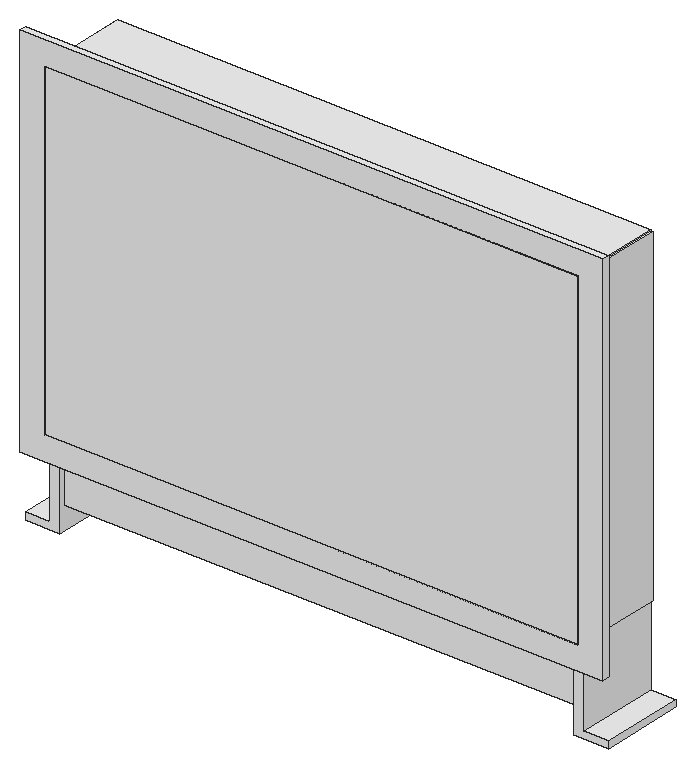
Revit family "1R553FP_1019IT", category Pipe Accessories, Revit 2018 (continued)
Definition of nested family "Inlet Regulator"
  Forms (mm)
    Revolve 11, solid
      sketch origin (0, -7.308, 22.393) x (0, 1, 0) y (0, 0, 1)
        loop
          line (21.577, -5.094) -> (21.577, -4.061) -> (22.318, -3.32) -> (21.605, -2.607) -> (22.332, -1.881) -> (21.605, -1.154) -> (22.318, -0.442) -> (21.605, 0.271) -> (22.318, 0.984) -> (21.605, 1.697) -> (22.318, 2.409) -> (21.605, 3.122) -> (22.318, 3.835) -> (21.605, 4.548) -> (22.318, 5.26) -> (21.605, 5.973) -> (22.318, 6.686) -> (21.591, 7.413) -> (21.591, 8.344) -> (20.654, 8.344) -> (20.654, -5.094) -> (21.577, -5.094)
        axis (7.317, 8.344) -> (7.317, -5.094)
      angle from 0 to 360
    Extrusion 12, solid
      sketch origin (0, 0.009, 99.643) x (0, 1, 0) y (-1, 0, 0)
        loop
          line (8.652, -15) -> (17.312, 0) -> (8.652, 15) -> (-8.669, 15) -> (-17.329, 0) -> (-8.669, -15) -> (8.652, -15)
        loop
          circle (-0.009, 0) r 14.53
      from -61.026 to -57.274
    Revolve 13, solid
      sketch origin (0, 0.009, 23.643) x (1, 0, 0) y (0, 0, 1)
        loop
          line (0, 14.757) -> (-14.591, 14.757)
          arc (-14.591, 14.757) -> (-14.177, 14.203) -> (-13.623, 13.789) r 2.42
          line (-13.623, 13.789) -> (-13.623, 7.845)
          arc (-13.623, 7.845) -> (-14.177, 7.43) -> (-14.591, 6.876) r 2.42
          line (-14.591, 6.876) -> (0, 6.876) -> (0, 14.757)
        axis (0, 14.757) -> (0, 6.876)
      angle from 0 to 360
    Revolve 14, solid
      sketch origin (0, 0, 0) x (1, 0, 0) y (0, 0, 1)
        loop
          line (0, 81.367) -> (0, 42.151) -> (16.5, 42.151) -> (16.5, 81.367) -> (0, 81.367)
        axis (0, 81.367) -> (0, 42.151)
      angle from 0 to 360
    Extrusion 15, solid
      sketch origin (2.094, -0.054, 23.867) x (-1, 0, 0) y (0, 0, 1)
        loop
          line (-14.869, 59.501) -> (-17.438, 59.501)
          spline (-17.438, 59.501) -> (-17.562, 59.497) -> (-17.675, 59.485) -> (-17.778, 59.464) -> (-17.87, 59.434) -> (-17.95, 59.397) -> (-18.021, 59.351) -> (-18.08, 59.297) -> (-18.128, 59.234) -> (-18.166, 59.163) -> (-18.193, 59.084) -> (-18.209, 58.996) -> (-18.215, 58.9)
          line (-18.215, 58.9) -> (-18.215, 58.097)
          spline (-18.215, 58.097) -> (-18.211, 58.002) -> (-18.199, 57.914) -> (-18.179, 57.836) -> (-18.15, 57.765) -> (-18.113, 57.703) -> (-18.067, 57.649) -> (-18.013, 57.604) -> (-17.951, 57.566) -> (-17.88, 57.537) -> (-17.801, 57.517) -> (-17.714, 57.504) -> (-17.618, 57.5)
          line (-17.618, 57.5) -> (-16.318, 57.5) -> (-14.062, 57.5) -> (-14.062, 58.708) -> (-14.869, 58.708) -> (-14.869, 59.501)
      from -1.116 to 1.224
    Extrusion 16, solid
      sketch origin (-2.196, 0, 23.867) x (1, 0, 0) y (0, 0, 1)
        loop
          line (-14.869, 59.501) -> (-17.438, 59.501)
          spline (-17.438, 59.501) -> (-17.562, 59.497) -> (-17.675, 59.485) -> (-17.778, 59.464) -> (-17.87, 59.434) -> (-17.95, 59.397) -> (-18.021, 59.351) -> (-18.08, 59.297) -> (-18.128, 59.234) -> (-18.166, 59.163) -> (-18.193, 59.084) -> (-18.209, 58.996) -> (-18.215, 58.9)
          line (-18.215, 58.9) -> (-18.215, 58.097)
          spline (-18.215, 58.097) -> (-18.211, 58.002) -> (-18.199, 57.914) -> (-18.179, 57.836) -> (-18.15, 57.765) -> (-18.113, 57.703) -> (-18.067, 57.649) -> (-18.013, 57.604) -> (-17.951, 57.566) -> (-17.88, 57.537) -> (-17.801, 57.517) -> (-17.714, 57.504) -> (-17.618, 57.5)
          line (-17.618, 57.5) -> (-16.318, 57.5) -> (-14.062, 57.5) -> (-14.062, 58.708) -> (-14.869, 58.708) -> (-14.869, 59.501)
      from -1.116 to 1.224
    Revolve 17, solid
      sketch origin (1.562, 0, -7.188) x (1, 0, 0) y (0, 0, -1)
        loop
          line (14.945, -68.947) -> (14.945, -85.784) -> (17.115, -87.955) -> (29.615, -87.955) -> (31.958, -85.612) -> (31.958, -68.947) -> (14.945, -68.947)
        axis (14.945, -68.947) -> (31.958, -68.947)
      angle from 0 to 360
  Cuts and joins
    Extrusion 4, Extrusion 5, Extrusion 6, Extrusion 7, Extrusion 8, Extrusion 9 cuts Revolve 1
  Dimensions and locks
    Revolve 2 to Revolve 11 = 114.089 mm
    equal spacing: cut or joined group of Revolve 1, Extrusion 4, Extrusion 5, Extrusion 6, Extrusion 7, Extrusion 8, Extrusion 9, plane 5, plane 4
    aligned and locked: level to plane 2
  Automatic sketch dimensions
    plane 1 "Center (Front/Back)" to Revolve 1 sketch curve = 17.048 mm
    Revolve 1 sketch curve to Revolve 1 sketch curve = 1.524 mm  (x2)
    Revolve 1 sketch curve to Revolve 1 sketch curve = 1.922 mm
    Revolve 1 sketch curve to plane 1 "Center (Front/Back)" = 0.009 mm  (x2)
    Revolve 1 sketch curve to plane 5 = 19.608 mm
    Revolve 1 sketch curve to Revolve 1 sketch curve = 9.082 mm
    Revolve 1 sketch curve to Revolve 1 sketch curve = 5.602 mm
    Revolve 1 sketch curve to Revolve 1 sketch curve = 1.247 mm
    Revolve 1 sketch curve to Revolve 1 sketch curve = 0 mm
    Revolve 1 sketch curve to Revolve 1 sketch curve = 1.386 mm
    plane 1 "Center (Front/Back)" to Revolve 2 sketch curve = 9.723 mm
    Revolve 2 sketch curve to Revolve 2 sketch curve = 0.5 mm  (x3)
    Revolve 2 sketch curve to Revolve 2 sketch curve = 0.198 mm
    Revolve 2 sketch curve to Revolve 2 sketch curve = 1.121 mm
    Revolve 2 sketch curve to Revolve 2 sketch curve = 1.35 mm
    Revolve 2 sketch curve to Revolve 2 sketch curve = 1.06 mm
    Revolve 2 sketch curve to Revolve 2 sketch curve = 0.183 mm
    plane 1 "Center (Front/Back)" to Revolve 2 sketch curve = 0.383 mm  (x2)
    Revolve 2 sketch curve to plane 5 = 34.379 mm
    Revolve 2 sketch curve to Revolve 2 sketch curve = 0.812 mm
    Revolve 2 sketch curve to Revolve 2 sketch curve = 30.709 mm
    Revolve 2 sketch curve to Revolve 2 sketch curve = 0.06 mm
    Revolve 2 sketch curve to Revolve 2 sketch curve = 2.169 mm
    Revolve 2 sketch curve to Revolve 2 sketch curve = 0.487 mm
    Revolve 2 sketch curve to Revolve 2 sketch curve = 1.061 mm
    Revolve 2 sketch curve to Revolve 2 sketch curve = 0.799 mm
    Revolve 2 sketch curve to Revolve 2 sketch curve = 1.883 mm
    Revolve 2 sketch curve to Revolve 2 sketch curve = 2.977 mm
    Extrusion 3 sketch curve to plane 3 "Center (Left/Right)" = 0 mm
    Extrusion 3 sketch curve to plane 1 "Center (Front/Back)" = 0.009 mm
    Extrusion 4 sketch curve to plane 3 "Center (Left/Right)" = 0.532 mm
    Extrusion 4 sketch curve to plane 1 "Center (Front/Back)" = 11.146 mm
    Extrusion 4 sketch curve to Extrusion 4 sketch curve = 7.245 mm
    plane 3 "Center (Left/Right)" to Extrusion 4 sketch curve = 0.506 mm
    plane 3 "Center (Left/Right)" to Extrusion 5 sketch curve = 0.532 mm
    plane 1 "Center (Front/Back)" to Extrusion 5 sketch curve = 11.129 mm
    Extrusion 5 sketch curve to Extrusion 5 sketch curve = 7.077 mm
    Extrusion 5 sketch curve to plane 3 "Center (Left/Right)" = 0.506 mm
    Extrusion 6 sketch curve to plane 1 "Center (Front/Back)" = 5.116 mm
    Extrusion 6 sketch curve to plane 3 "Center (Left/Right)" = 9.912 mm
    Extrusion 6 sketch curve to Extrusion 6 sketch curve = 7.677 mm
    Extrusion 6 sketch curve to Extrusion 6 sketch curve = 1.039 mm
    plane 1 "Center (Front/Back)" to Extrusion 7 sketch curve = 6.021 mm
    Extrusion 7 sketch curve to plane 3 "Center (Left/Right)" = 9.379 mm
    Extrusion 7 sketch curve to Extrusion 7 sketch curve = 7.486 mm
    Extrusion 7 sketch curve to Extrusion 7 sketch curve = 1.039 mm
    Extrusion 8 sketch curve to plane 1 "Center (Front/Back)" = 5.116 mm
    plane 3 "Center (Left/Right)" to Extrusion 8 sketch curve = 9.912 mm
    Extrusion 8 sketch curve to Extrusion 8 sketch curve = 6.525 mm
    Extrusion 8 sketch curve to Extrusion 8 sketch curve = 1.039 mm
    plane 1 "Center (Front/Back)" to Extrusion 9 sketch curve = 6.021 mm
    plane 3 "Center (Left/Right)" to Extrusion 9 sketch curve = 9.379 mm
    Extrusion 9 sketch curve to Extrusion 9 sketch curve = 8.734 mm
    Extrusion 9 sketch curve to Extrusion 9 sketch curve = 1.039 mm
    Extrusion 10 sketch curve to plane 3 "Center (Left/Right)" = 0 mm  (x3)
    plane 1 "Center (Front/Back)" to Extrusion 10 sketch curve = 14.425 mm
    plane 1 "Center (Front/Back)" to Extrusion 10 sketch curve = 7.208 mm  (x2)
    Extrusion 10 sketch curve to plane 1 "Center (Front/Back)" = 0.009 mm
    Extrusion 10 sketch curve to plane 1 "Center (Front/Back)" = 7.225 mm  (x2)
    Extrusion 10 sketch curve to Extrusion 10 sketch curve = 7.217 mm
    plane 3 "Center (Left/Right)" to Extrusion 10 sketch curve = 12.5 mm
    Extrusion 10 sketch curve to plane 3 "Center (Left/Right)" = 12.5 mm
    Revolve 11 sketch curve to plane 1 "Center (Front/Back)" = 13.346 mm
    Revolve 11 sketch curve to Revolve 11 sketch curve = 0.922 mm
    Revolve 11 sketch curve to Revolve 11 sketch curve = 0.937 mm
    Revolve 11 sketch curve to Revolve 11 sketch curve = 0.028 mm
    Revolve 11 sketch curve to Revolve 11 sketch curve = 0 mm  (x5)
    Revolve 11 sketch curve to Revolve 11 sketch curve = 0.014 mm
    Revolve 11 sketch curve to Revolve 11 sketch curve = 0.713 mm  (x7)
    Revolve 11 sketch curve to Revolve 11 sketch curve = 0.726 mm
    level to Revolve 11 sketch curve = 17.3 mm
    Revolve 11 sketch curve to Revolve 11 sketch curve = 1.032 mm
    Revolve 11 sketch curve to Revolve 11 sketch curve = 0.741 mm
    Revolve 11 sketch curve to Revolve 11 sketch curve = 0.931 mm
    Revolve 11 sketch curve to plane 1 "Center (Front/Back)" = 0.009 mm
    level to Revolve 11 sketch curve = 11.05 mm
    Revolve 11 sketch curve to plane 4 = 11.319 mm
    Extrusion 12 sketch curve to plane 3 "Center (Left/Right)" = 0 mm  (x3)
    plane 1 "Center (Front/Back)" to Extrusion 12 sketch curve = 0 mm
    plane 1 "Center (Front/Back)" to Extrusion 12 sketch curve = 8.66 mm  (x2)
    plane 1 "Center (Front/Back)" to Extrusion 12 sketch curve = 17.321 mm
    Extrusion 12 sketch curve to plane 1 "Center (Front/Back)" = 8.66 mm  (x2)
    Extrusion 12 sketch curve to Extrusion 12 sketch curve = 8.66 mm
    plane 3 "Center (Left/Right)" to Extrusion 12 sketch curve = 15 mm
    Extrusion 12 sketch curve to plane 3 "Center (Left/Right)" = 15 mm
    Revolve 13 sketch curve to plane 3 "Center (Left/Right)" = 0 mm  (x2)
    Revolve 13 sketch curve to plane 3 "Center (Left/Right)" = 12.466 mm
    Revolve 13 sketch curve to plane 4 = 2.594 mm
    Revolve 13 sketch curve to Revolve 13 sketch curve = 0 mm
    Revolve 13 sketch curve to Revolve 13 sketch curve = 1.157 mm
    Revolve 13 sketch curve to Revolve 13 sketch curve = 0.968 mm  (x2)
    Revolve 13 sketch curve to plane 4 = 3.751 mm
    Revolve 13 sketch curve to Revolve 13 sketch curve = 5.944 mm
    Revolve 13 sketch curve to Revolve 13 sketch curve = 7.881 mm
    Revolve 13 sketch curve to Revolve 13 sketch curve = 6.11 mm
    plane 4 to Revolve 13 sketch curve = 3.077 mm
    Revolve 14 sketch curve to plane 3 "Center (Left/Right)" = 0 mm  (x2)
    Revolve 14 sketch curve to plane 4 = 0 mm
    plane 3 "Center (Left/Right)" to Revolve 14 sketch curve = 16.5 mm
    Revolve 14 sketch curve to plane 5 = 19.608 mm
    Revolve 14 sketch curve to Revolve 14 sketch curve = 18.992 mm
    Revolve 14 sketch curve to Revolve 14 sketch curve = 22.888 mm
    plane 3 "Center (Left/Right)" to Extrusion 15 sketch curve = 20.309 mm
    Extrusion 15 sketch curve to Extrusion 15 sketch curve = 0.597 mm  (x2)
    Extrusion 15 sketch curve to Extrusion 15 sketch curve = 0.776 mm
    Extrusion 15 sketch curve to Extrusion 15 sketch curve = 1.299 mm
    Extrusion 15 sketch curve to Extrusion 15 sketch curve = 1.449 mm
    Extrusion 15 sketch curve to Extrusion 15 sketch curve = 0.807 mm
    Extrusion 15 sketch curve to plane 5 = 19.608 mm
    Extrusion 15 sketch curve to Extrusion 15 sketch curve = 1.208 mm
    Extrusion 15 sketch curve to Extrusion 15 sketch curve = 0.803 mm
    Extrusion 15 sketch curve to Extrusion 15 sketch curve = 0.601 mm
    Extrusion 16 sketch curve to plane 3 "Center (Left/Right)" = 20.411 mm
    Extrusion 16 sketch curve to Extrusion 16 sketch curve = 0.597 mm  (x2)
    Extrusion 16 sketch curve to Extrusion 16 sketch curve = 0.776 mm
    Extrusion 16 sketch curve to Extrusion 16 sketch curve = 1.299 mm
    Extrusion 16 sketch curve to Extrusion 16 sketch curve = 1.449 mm
    Extrusion 16 sketch curve to Extrusion 16 sketch curve = 0.807 mm
    Extrusion 16 sketch curve to plane 5 = 19.608 mm
    Extrusion 16 sketch curve to Extrusion 16 sketch curve = 1.208 mm
    Extrusion 16 sketch curve to Extrusion 16 sketch curve = 0.803 mm
    Extrusion 16 sketch curve to Extrusion 16 sketch curve = 0.601 mm
    Revolve 17 sketch curve to plane 5 = 0 mm  (x2)
    plane 3 "Center (Left/Right)" to Revolve 17 sketch curve = 16.507 mm
    Revolve 17 sketch curve to Revolve 17 sketch curve = 2.17 mm  (x2)
    Revolve 17 sketch curve to Revolve 17 sketch curve = 12.5 mm
    Revolve 17 sketch curve to Revolve 17 sketch curve = 2.343 mm
    Revolve 17 sketch curve to plane 5 = 16.665 mm
    Revolve 17 sketch curve to Revolve 17 sketch curve = 16.838 mm
    plane 3 "Center (Left/Right)" to Revolve 17 sketch curve = 1.563 mm
    Revolve 17 sketch curve to Revolve 17 sketch curve = 33.042 mm
    radius of Extrusion 3 sketch curve = 1.156 mm
    radius of Extrusion 10 sketch curve = 11.904 mm
    radius of Extrusion 12 sketch curve = 14.53 mm
Definition of nested family "METAL FRAME"
  Parameters (values of type "METAL FRAME")
    S1 [instance] = 37 mm
    L1 [instance] = 670 mm
    H2 [instance] = 492 mm
    H1 [instance] = 562 mm
  Reference planes
    plane 1 "Center (Front/Back)": y = -35
    plane 2: z = 0
    plane 3 "Center (Left/Right)": x = 0
    plane 4: x = -298
    plane 5: x = 298
    plane 6: z = 562
    plane 7: x = 335
    plane 8: x = -335
    plane 9: z = 527
    plane 10: z = 35
    plane 11: y = -35
    plane 12: z = 281
    plane 13: z = 384
    plane 14: z = 176
    plane 15: y = 90
  Forms (mm)
    Extrusion 1, solid
      sketch origin (0, -35, 0) x (1, 0, 0) y (0, 0, 1)
        loop
          line (-283, 35) -> (-283, -60) -> (283, -60) -> (283, 35) -> (-283, 35)
      from -125 to -7.029
    Extrusion 2, solid
      sketch origin (0, -35, 0) x (1, 0, 0) y (0, 0, 1)
        loop
          line (-298, 35) -> (-298, -85) -> (-335, -85) -> (-335, -95) -> (-283, -95) -> (-283, 35) -> (-298, 35)
        loop
          line (298, 35) -> (283, 35) -> (283, -95) -> (335, -95) -> (335, -85) -> (298, -85) -> (298, 35)
      from -125 to 0
    Extrusion 3, solid
      sketch origin (0, 0, 0) x (0, 1, 0) y (0, 0, 1)
        loop
          line (87.172, 527) -> (87.172, 35) -> (90, 35) -> (90, 527) -> (87.172, 527)
      from -298 to 298
    Extrusion 4, solid
      sketch origin (0, -35, 0) x (1, 0, 0) y (0, 0, 1)
        loop
          line (-335, 562) -> (-335, 0) -> (335, 0) -> (335, 562) -> (-335, 562)
        loop
          line (-298, 35) -> (298, 35) -> (298, 527) -> (-298, 527) -> (-298, 35)
      from 0 to 10
    Extrusion 5, solid
      sketch origin (0, 0, 0) x (0, 1, 0) y (0, 0, 1)
        loop
          line (-35, 527) -> (-35, 35) -> (90, 35) -> (90, 527) -> (-35, 527)
      from 298 to 300.354
    Extrusion 6, solid
      sketch origin (0, 0, 0) x (0, 1, 0) y (0, 0, -1)
        loop
          line (-35, -527) -> (90, -527) -> (90, -35) -> (-35, -35) -> (-35, -527)
      from 298 to 300.354
    Extrusion 7, solid
      sketch origin (0, 0, 0) x (1, 0, 0) y (0, 1, 0)
        loop
          line (-298, 90) -> (-298, -35) -> (298, -35) -> (298, 90) -> (-298, 90)
      from 527 to 529.02
    Extrusion 8, void
      sketch origin (0, 0, 0) x (0, 1, 0) y (0, 0, 1)
        loop
          line (87.172, 423.968) -> (-33.134, 423.968) -> (-33.134, 344.032) -> (87.172, 344.032) -> (87.172, 423.968)
        loop
          line (87.172, 216) -> (-33.134, 216) -> (-33.134, 136) -> (87.172, 136) -> (87.172, 216)
      from -298 to -521.401
  Cuts and joins
    Extrusion 8 cuts Extrusion 3
    Extrusion 8 cuts Extrusion 5
    Extrusion 8 cuts Extrusion 6
    Extrusion 8 cuts Extrusion 7
    joined: Extrusion 3, Extrusion 5, Extrusion 6, Extrusion 7
  Dimensions and locks
    "H1": plane 6 to plane 2
    "S1": plane 7 to plane 5
    "S1": plane 4 to plane 8
    "L1": plane 7 to plane 8
    plane 7 to plane 8 = 670 mm
    equal spacing: plane 7, plane 3 "Center (Left/Right)", plane 8
    level to Extrusion 4 sketch curve = 0 mm
    plane 1 "Center (Front/Back)" to Extrusion 3 = 125 mm
    plane 1 "Center (Front/Back)" to plane 15 = 125 mm
    plane 6 to plane 2 = 562 mm
    "H2": plane 9 to plane 10
    locked: Extrusion 5 to Extrusion 5 at 2.354
    locked: Extrusion 6 to Extrusion 6 at 2.354  (x2)
    Extrusion 2 to Extrusion 2 = 15 mm  (x2)
    equal spacing: Extrusion 8 sketch curve, plane 13, Extrusion 8 sketch curve  (x2)
    Extrusion 8 sketch curve to Extrusion 8 sketch curve = 79.935 mm
    equal spacing: Extrusion 8 sketch curve, plane 14, Extrusion 8 sketch curve  (x2)
    aligned and locked: level to plane 2
    aligned and locked: plane 8 to Extrusion 4 sketch curve
    aligned and locked: Extrusion 3 sketch curve to plane 9
    aligned and locked: plane 10 to Extrusion 3 sketch curve
    aligned and locked: Extrusion 2 to Extrusion 1  (x2)
    aligned and locked: Extrusion 4 sketch curve to plane 6
    aligned and locked: Extrusion 4 sketch curve to plane 7
    aligned and locked: Extrusion 4 sketch curve to plane 10
    aligned and locked: plane 5 to Extrusion 3
    aligned and locked: plane 10 to Extrusion 2
    aligned and locked: plane 10 to Extrusion 5 sketch curve
    aligned and locked: Extrusion 5 sketch curve to plane 1 "Center (Front/Back)"
    aligned and locked: plane 15 to Extrusion 5 sketch curve
    aligned and locked: Extrusion 5 sketch curve to plane 9
    aligned and locked: Extrusion 4 to Extrusion 7 sketch curve
    aligned and locked: Extrusion 7 sketch curve to plane 5
    aligned and locked: plane 15 to Extrusion 7 sketch curve
    aligned and locked: plane 4 to Extrusion 7 sketch curve
    aligned and locked: Extrusion 7 to plane 9
    aligned and locked: cut or joined group of Extrusion 3, Extrusion 5, Extrusion 6, Extrusion 7, Extrusion 8 to cut or joined group of Extrusion 3, Extrusion 5, Extrusion 6, Extrusion 7, Extrusion 8
    aligned and locked: Extrusion 2 to cut or joined group of Extrusion 3, Extrusion 5, Extrusion 6, Extrusion 7, Extrusion 8
    aligned and locked: plane 4 to cut or joined group of Extrusion 3, Extrusion 5, Extrusion 6, Extrusion 7, Extrusion 8
    aligned and locked: cut or joined group of Extrusion 3, Extrusion 5, Extrusion 6, Extrusion 7, Extrusion 8 to plane 5
    aligned and locked: cut or joined group of Extrusion 3, Extrusion 5, Extrusion 6, Extrusion 7, Extrusion 8 to Extrusion 8 sketch curve  (x2)
    aligned and locked: plane 4 to Extrusion 8
    aligned and locked: Extrusion 1 to Extrusion 2  (x2)
    aligned and locked: plane 1 "Center (Front/Back)" to plane 11
  Automatic sketch dimensions
    plane 4 to Extrusion 1 sketch curve = 15 mm
    Extrusion 1 sketch curve to plane 5 = 15 mm
    Extrusion 1 sketch curve to plane 10 = 0 mm
    Extrusion 1 sketch curve to level = 60 mm
    Extrusion 2 sketch curve to plane 8 = 0 mm
    Extrusion 2 sketch curve to plane 10 = 0 mm  (x2)
    plane 4 to Extrusion 2 sketch curve = 15 mm
    Extrusion 2 sketch curve to plane 5 = 15 mm
    Extrusion 2 sketch curve to plane 7 = 0 mm
    Extrusion 2 sketch curve to plane 4 = 0 mm
    Extrusion 2 sketch curve to Extrusion 2 sketch curve = 15 mm
    Extrusion 2 sketch curve to level = 85 mm  (x2)
    Extrusion 2 sketch curve to Extrusion 2 sketch curve = 10 mm  (x2)
    Extrusion 3 sketch curve to plane 15 = 0 mm
    Extrusion 3 sketch curve to Extrusion 3 sketch curve = 2.828 mm
    Extrusion 4 sketch curve to plane 4 = 0 mm
    Extrusion 4 sketch curve to plane 5 = 0 mm
    Extrusion 4 sketch curve to plane 9 = 0 mm
    Extrusion 6 sketch curve to plane 1 "Center (Front/Back)" = 0 mm
    Extrusion 6 sketch curve to plane 10 = 0 mm
    Extrusion 6 sketch curve to plane 15 = 0 mm
    Extrusion 6 sketch curve to plane 9 = 0 mm
    Extrusion 8 sketch curve to plane 14 = 40 mm
    Extrusion 8 sketch curve to plane 1 "Center (Front/Back)" = 1.866 mm  (x2)
Definition of nested family "cold water ball valve"
  Parameters (values of type "cold water ball valve")
    Cold water Valve [instance] = yes
  Reference planes
    plane 1 "Center (Front/Back)": y = 0
    plane 2: z = 0
    plane 3 "Center (Left/Right)": x = 0
    plane 4: x = 105
    plane 5: z = 25
    plane 6: z = 25.625
    plane 7: y = -21.571
    plane 8: y = -26.943
    plane 9: y = -36.345
    plane 10 "MODEL TEXT": x = -25.219
    plane 11: x = -24
    plane 12: y = -62.876
  Forms (mm)
    Extrusion 1, solid, visible <- "Cold water Valve"
      sketch origin (0, 0, 20) x (1, 0, 0) y (0, 0, 1)
        loop
          line (20, 13.284) -> (8.284, 25) -> (-8.284, 25) -> (-20, 13.284) -> (-20, -3.284) -> (-8.284, -15) -> (8.284, -15) -> (20, -3.284) -> (20, 13.284)
        loop
          circle (0, 5) r 12.7
      from 0 to 13.355
    Extrusion 2, solid, visible <- "Cold water Valve"
      sketch origin (0, 0, 0.625) x (1, 0, 0) y (0, 0, 1)
        loop
          line (24, 34.941) -> (9.941, 49) -> (-9.941, 49) -> (-24, 34.941) -> (-24, 15.059) -> (-8.316, -0.625) -> (8.316, -0.625) -> (24, 15.059) -> (24, 34.941)
        loop
          circle (0, 25) r 21
      from 77.779 to 89.014
    Revolve 3, solid, visible <- "Cold water Valve"
      sketch origin (0, 0, 0) x (0, 1, 0) y (0, 0, 1)
        loop
          line (-13.355, 25) -> (-13.355, 45)
          arc (-13.355, 45) -> (-14.669, 46.315) -> (-16.465, 46.796) r 3.592
          line (-16.465, 46.796) -> (-17.701, 46.796)
          arc (-17.701, 46.796) -> (-19.285, 46.408) -> (-20.51, 45.333) r 3.428
          line (-20.51, 45.333) -> (-42.991, 45.333) -> (-44.663, 43.661) -> (-74.663, 43.661) -> (-77.779, 46.777) -> (-77.779, 25) -> (-13.355, 25)
        axis (-13.355, 25) -> (-77.779, 25)
      angle from 0 to 360
    Blend 4, solid, visible <- "Cold water Valve"
      base sketch origin (23.223, -1.25, 27.657) x (0, 0, 1) y (0, 1, 0)
        loop
          line (4.062, -5) -> (0, -5) -> (-4.063, -5) -> (-4.062, -20)
          arc (-4.062, -20) -> (-11.941, -30.394) -> (-4.062, -40.789) r 10.796
          line (-4.062, -40.789) -> (-4.062, -55.789) -> (0, -55.789) -> (4.062, -55.789) -> (4.062, -40.789)
          arc (4.062, -40.789) -> (11.65, -30.394) -> (4.062, -20) r 10.913
          line (4.062, -20) -> (4.062, -5)
      top sketch origin (23.223, -1.25, 27.657) x (0, 0, 1) y (0, 1, 0)
        loop
          line (3.606, -5) -> (0, -5) -> (-3.606, -5) -> (-3.606, -20.51)
          arc (-3.606, -20.51) -> (-11.088, -30.188) -> (-3.606, -39.866) r 10
          line (-3.606, -39.866) -> (-3.606, -55.789) -> (0, -55.789) -> (3.606, -55.789) -> (3.606, -39.789)
          arc (3.606, -39.789) -> (10.87, -30.15) -> (3.606, -20.51) r 10.027
          line (3.606, -20.51) -> (3.606, -5)
      from 59.828 to 68.223
    Revolve 5, solid
      sketch origin (-0.219, -2.206, 0) x (0, 0, -1) y (0, -1, 0)
        loop
          line (-94.932, 60.703) -> (-94.932, 41.958) -> (-88.701, 41.958) -> (-88.701, 39.55) -> (-78.701, 39.55) -> (-78.701, 41.958) -> (-59.725, 41.958)
          arc (-59.725, 41.958) -> (-58.974, 42.269) -> (-58.663, 43.02) r 1.062
          line (-58.663, 43.02) -> (-58.663, 49.438) -> (-50.697, 49.438) -> (-50, 48.742) -> (9.375, 48.742) -> (9.375, 49.772) -> (11.451, 49.772) -> (11.451, 48.708) -> (14.373, 48.708)
          arc (14.373, 48.708) -> (15.482, 50.223) -> (16.346, 51.89) r 12.184
          line (16.346, 51.89) -> (25.561, 51.89) -> (48.681, 51.89)
          arc (48.681, 51.89) -> (49.349, 50.551) -> (50.175, 49.304) r 12.184
          line (50.175, 49.304) -> (54.16, 49.304) -> (54.872, 50.015) -> (54.872, 51.956) -> (55.898, 52.982) -> (55.898, 52.075) -> (56.943, 53.12) -> (56.943, 52.123) -> (57.986, 53.166) -> (57.986, 52.123) -> (59.052, 53.189) -> (59.052, 52.217) -> (60.177, 53.342) -> (60.177, 52.407) -> (61.106, 53.336) -> (61.106, 52.478) -> (61.943, 53.315) -> (61.943, 60.703) -> (-94.932, 60.703)
        axis (-94.932, 60.703) -> (61.943, 60.703)
      angle from 0 to 360
    Extrusion 6, void
      sketch origin (0, 0, 0) x (0, 1, 0) y (0, 0, 1)
        loop
          line (-63.914, 58.663) -> (-61.839, 58.663) -> (-61.839, 64.72)
          arc (-61.839, 64.72) -> (-62.876, 65.758) -> (-63.914, 64.72) r 1.037
          line (-63.914, 64.72) -> (-63.914, 58.663)
      from 17.105 to 20
    Extrusion 7, void
      sketch origin (0, 0, 0) x (0, 1, 0) y (0, 0, -1)
        loop
          line (-63.914, -58.663) -> (-63.914, -64.72)
          arc (-63.914, -64.72) -> (-62.876, -65.758) -> (-61.839, -64.72) r 1.037
          line (-61.839, -64.72) -> (-61.839, -58.663) -> (-63.914, -58.663)
      from 17.105 to 20
    Extrusion 8, void
      sketch origin (-62.876, -62.876, 0) x (-1, 0, 0) y (0, 0, 1)
        loop
          line (-63.914, 58.663) -> (-61.839, 58.663) -> (-61.839, 64.72)
          arc (-61.839, 64.72) -> (-62.876, 65.758) -> (-63.914, 64.72) r 1.037
          line (-63.914, 64.72) -> (-63.914, 58.663)
      from 17.105 to 20
    Extrusion 9, void
      sketch origin (-45.229, -106.554, 0) x (-0.71934, -0.694658, 0) y (0, 0, -1)
        loop
          line (-63.914, -58.663) -> (-63.914, -64.72)
          arc (-63.914, -64.72) -> (-62.876, -65.758) -> (-61.839, -64.72) r 1.037
          line (-61.839, -64.72) -> (-61.839, -58.663) -> (-63.914, -58.663)
      from 17.105 to 20
    Extrusion 10, void
      sketch origin (-45.229, -19.199, 0) x (-0.71934, 0.694658, 0) y (0, 0, 1)
        loop
          line (-63.914, 58.663) -> (-61.839, 58.663) -> (-61.839, 64.72)
          arc (-61.839, 64.72) -> (-62.876, 65.758) -> (-63.914, 64.72) r 1.037
          line (-63.914, 64.72) -> (-63.914, 58.663)
      from 17.105 to 20
    Extrusion 11, void
      sketch origin (45.229, -106.554, 0) x (0.71934, -0.694658, 0) y (0, 0, 1)
        loop
          line (-63.914, 58.663) -> (-61.839, 58.663) -> (-61.839, 64.72)
          arc (-61.839, 64.72) -> (-62.876, 65.758) -> (-63.914, 64.72) r 1.037
          line (-63.914, 64.72) -> (-63.914, 58.663)
      from 17.105 to 20
    Extrusion 12, void
      sketch origin (45.229, -19.199, 0) x (0.71934, 0.694658, 0) y (0, 0, -1)
        loop
          line (-63.914, -58.663) -> (-63.914, -64.72)
          arc (-63.914, -64.72) -> (-62.876, -65.758) -> (-61.839, -64.72) r 1.037
          line (-61.839, -64.72) -> (-61.839, -58.663) -> (-63.914, -58.663)
      from 17.105 to 20
    Extrusion 13, void
      sketch origin (-62.876, -62.876, 0) x (-1, 0, 0) y (0, 0, -1)
        loop
          line (-63.914, -58.663) -> (-63.914, -64.72)
          arc (-63.914, -64.72) -> (-62.876, -65.758) -> (-61.839, -64.72) r 1.037
          line (-61.839, -64.72) -> (-61.839, -58.663) -> (-63.914, -58.663)
      from 17.105 to 20
    Revolve 14, solid, visible <- "Cold water Valve"
      sketch origin (0, -32.435, 0) x (1, 0, 0) y (0, 0, 1)
        loop
          line (-21.513, 47.516) -> (-0.291, 39.792) -> (2.61, 47.763) -> (-18.612, 55.487) -> (-21.513, 47.516)
        axis (-0.291, 39.792) -> (-21.513, 47.516)
      angle from 0 to 360
    Extrusion 15, solid
      sketch origin (-25.219, 0, 0) x (0, 0, -1) y (0, -1, 0)
        loop
          circle (-27.689, 31.109) r 5
      from -8.352 to 11.386
    Revolve 16, solid
      sketch origin (0, -62.5, -16.719) x (-1, 0, 0) y (0, 0, -1)
        loop
          line (5.794, 15.605) -> (5.794, 7.562) -> (15.464, 7.562)
          arc (15.464, 7.562) -> (15.667, 7.07) -> (16.159, 6.866) r 0.695
          line (16.159, 6.866) -> (23.251, 6.866)
          arc (23.251, 6.866) -> (23.77, 7.081) -> (23.985, 7.6) r 0.734
          line (23.985, 7.6) -> (23.985, 15.605) -> (5.794, 15.605)
        axis (5.794, 15.605) -> (23.985, 15.605)
      angle from 0 to 360
    Extrusion 17, solid
      sketch origin (0, 0, -16.875) x (0, 1, 0) y (0, 0, -1)
        loop
          circle (-62.564, 15.559) r 6.523
        loop
          circle (-62.564, 15.559) r 5.795
      from 21.524 to 24.055
    Revolve 18, solid
      sketch origin (-0.219, 0, 0.787) x (0, 0, -1) y (0, -1, 0)
        loop
          line (-91.675, 81.654) -> (-85.876, 81.654) -> (-85.876, 96.855) -> (-89.93, 96.855) -> (-90.611, 96.175) -> (-90.611, 94.457) -> (-93.194, 94.457)
          arc (-93.194, 94.457) -> (-93.866, 94.179) -> (-94.144, 93.507) r 0.95
          line (-94.144, 93.507) -> (-94.144, 90.104) -> (-92.373, 90.104) -> (-92.373, 89.241) -> (-93.253, 89.241)
          arc (-93.253, 89.241) -> (-93.883, 88.98) -> (-94.144, 88.35) r 0.891
          line (-94.144, 88.35) -> (-94.144, 87.546)
          arc (-94.144, 87.546) -> (-93.883, 86.915) -> (-93.253, 86.654) r 0.891
          line (-93.253, 86.654) -> (-91.675, 86.654) -> (-91.675, 81.654)
        axis (-85.876, 81.654) -> (-85.876, 96.855)
      angle from 0 to 360
  Cuts and joins
    Extrusion 6, Extrusion 7, Extrusion 8, Extrusion 9, Extrusion 10, Extrusion 11, Extrusion 12, Extrusion 13 cuts Revolve 5
    joined: Revolve 5, Revolve 16, Revolve 18
    joined: Extrusion 2, Revolve 14
  Dimensions and locks
    aligned and locked: level to plane 2
  Nested families
    nested 1: "valve Dial" at (-11.875, 46.875, 24.869), type "valve Dial"
  Definition of nested family "valve Dial"
    Reference planes
      plane 1 "Center (Front/Back)": y = 0
      plane 2: z = 0
      plane 3 "Center (Left/Right)": x = 0
      plane 4: y = 66
      plane 5: y = -105
      plane 6: y = -65.734
      plane 7: y = -79.31
      plane 8: y = -20.321
      plane 9: y = -43.117
      plane 10: y = -33.832
      plane 11: y = -70.378
      plane 12: y = -88.243
      plane 13: through (-2.703, 0, 45.265) normal (-0.9397, 0, 0.342)
    Forms (mm)
      Extrusion 1, solid
        sketch origin (4.797, 0, -7.865) x (0, 1, 0) y (0.34202, 0, 0.939693)
          loop
            circle (-79.31, 25) r 16
          loop
            circle (-79.31, 25) r 17
        from -30.806 to -25.219
      Extrusion 2, solid
        sketch origin (4.797, 0, -7.865) x (0, 1, 0) y (0.34202, 0, 0.939693)
          loop
            circle (-79.31, 25) r 16
        from -25.219 to -24
      Extrusion 3, solid
        sketch origin (4.797, 0, -7.865) x (0, 1, 0) y (0.34202, 0, 0.939693)
          loop
            line (-70.623, 33.687) -> (-79.31, 25.988)
            arc (-79.31, 25.988) -> (-80.298, 25) -> (-79.31, 24.012) r 0.988
            arc (-79.31, 24.012) -> (-78.612, 24.301) -> (-78.323, 25) r 0.988
            line (-78.323, 25) -> (-70.623, 33.687)
        from -27.141 to -26.02
      Extrusion 4, solid
        sketch origin (-18.901, 0, 0.761) x (-0.34202, 0, -0.939693) y (0, -1, 0)
          loop
            circle (-24.897, 79.31) r 15.901
        from 3.812 to 5.586
    Lines and regions (mm)
      model lines
        curve 1: arc (-13.369, -69.937, 15.96) -> (-5.549, -79.31, 37.447) -> (-13.369, -88.684, 15.96) r 13.354
        curve 2: arc (-13.219, -70.378, 16.374) -> (-5.773, -79.31, 36.831) -> (-13.219, -88.243, 16.374) r 12.718
        curve 3: line (-12.979, -71.08, 17.034) -> (-13.219, -70.378, 16.374)
        curve 4: line (-13.058, -87.773, 16.816) -> (-13.219, -88.243, 16.374)
        curve 5: line (-13.369, -69.937, 15.96) -> (-13.526, -69.479, 15.529)
        curve 6: line (-10.091, -65.111, 24.967) -> (-10.091, -65.956, 24.967)
        curve 7: line (-6.598, -69.28, 34.564) -> (-6.858, -69.953, 33.851)
        curve 8: line (-5.372, -79.31, 37.934) -> (-5.549, -79.31, 37.447)
        curve 9: line (-7.34, -87.327, 32.525) -> (-7.027, -88.243, 33.387)
        curve 10: line (-6.869, -88.703, 33.819) -> (-6.594, -89.508, 34.575)
        curve 11: line (-10.088, -91.058, 24.977) -> (-10.088, -92.028, 24.977)
        curve 12: line (-10.088, -92.664, 24.977) -> (-10.088, -93.719, 24.977)
        curve 13: line (-7.024, -70.385, 33.393) -> (-7.252, -70.974, 32.768)
        curve 14: line (-10.091, -66.593, 24.967) -> (-10.091, -67.243, 24.967)
        curve 15: line (-5.773, -79.31, 36.831) -> (-6.141, -79.31, 35.82)
        curve 16: line (-13.369, -88.684, 15.96) -> (-13.511, -89.099, 15.57)
    Dimensions and locks
      plane 1 "Center (Front/Back)" to plane 4 = 66 mm
      aligned and locked: level to plane 2
Definition of nested family "Hot water ball valve"
  Parameters (values of type "Hot Water ball valve")
    Cold water Valve [instance] = yes
  Reference planes
    plane 1 "Center (Front/Back)": y = 0
    plane 2: z = 0
    plane 3 "Center (Left/Right)": x = 0
    plane 4: x = 105
    plane 5: z = 25
    plane 6: z = 25.625
    plane 7: y = -21.571
    plane 8: y = -26.943
    plane 9: y = -36.345
    plane 10 "MODEL TEXT": x = -25.219
    plane 11: x = -24
    plane 12: y = -62.876
  Forms (mm)
    Extrusion 1, solid, visible <- "Cold water Valve"
      sketch origin (0, 0, 20) x (1, 0, 0) y (0, 0, 1)
        loop
          line (20, 13.284) -> (8.284, 25) -> (-8.284, 25) -> (-20, 13.284) -> (-20, -3.284) -> (-8.284, -15) -> (8.284, -15) -> (20, -3.284) -> (20, 13.284)
        loop
          circle (0, 5) r 12.7
      from 0 to 13.355
    Extrusion 2, solid, visible <- "Cold water Valve"
      sketch origin (0, 0, 0.625) x (1, 0, 0) y (0, 0, 1)
        loop
          line (24, 34.941) -> (9.941, 49) -> (-9.941, 49) -> (-24, 34.941) -> (-24, 15.059) -> (-8.316, -0.625) -> (8.316, -0.625) -> (24, 15.059) -> (24, 34.941)
        loop
          circle (0, 25) r 21
      from 77.779 to 89.014
    Revolve 3, solid, visible <- "Cold water Valve"
      sketch origin (0, 0, 0) x (0, 1, 0) y (0, 0, 1)
        loop
          line (-13.355, 25) -> (-13.355, 45)
          arc (-13.355, 45) -> (-14.669, 46.315) -> (-16.465, 46.796) r 3.592
          line (-16.465, 46.796) -> (-17.701, 46.796)
          arc (-17.701, 46.796) -> (-19.285, 46.408) -> (-20.51, 45.333) r 3.428
          line (-20.51, 45.333) -> (-42.991, 45.333) -> (-44.663, 43.661) -> (-74.663, 43.661) -> (-77.779, 46.777) -> (-77.779, 25) -> (-13.355, 25)
        axis (-13.355, 25) -> (-77.779, 25)
      angle from 0 to 360
    Blend 4, solid, visible <- "Cold water Valve"
      base sketch origin (23.223, -1.25, 27.657) x (0, 0, 1) y (0, 1, 0)
        loop
          line (4.062, -5) -> (0, -5) -> (-4.063, -5) -> (-4.062, -20)
          arc (-4.062, -20) -> (-11.941, -30.394) -> (-4.062, -40.789) r 10.796
          line (-4.062, -40.789) -> (-4.062, -55.789) -> (0, -55.789) -> (4.062, -55.789) -> (4.062, -40.789)
          arc (4.062, -40.789) -> (11.65, -30.394) -> (4.062, -20) r 10.913
          line (4.062, -20) -> (4.062, -5)
      top sketch origin (23.223, -1.25, 27.657) x (0, 0, 1) y (0, 1, 0)
        loop
          line (3.606, -5) -> (0, -5) -> (-3.606, -5) -> (-3.606, -20.51)
          arc (-3.606, -20.51) -> (-11.088, -30.188) -> (-3.606, -39.866) r 10
          line (-3.606, -39.866) -> (-3.606, -55.789) -> (0, -55.789) -> (3.606, -55.789) -> (3.606, -39.789)
          arc (3.606, -39.789) -> (10.87, -30.15) -> (3.606, -20.51) r 10.027
          line (3.606, -20.51) -> (3.606, -5)
      from 59.828 to 68.223
    Revolve 5, solid
      sketch origin (-0.219, -2.206, 0) x (0, 0, -1) y (0, -1, 0)
        loop
          line (-94.932, 60.703) -> (-94.932, 41.958) -> (-88.701, 41.958) -> (-88.701, 39.55) -> (-78.701, 39.55) -> (-78.701, 41.958) -> (-59.725, 41.958)
          arc (-59.725, 41.958) -> (-58.974, 42.269) -> (-58.663, 43.02) r 1.062
          line (-58.663, 43.02) -> (-58.663, 49.438) -> (-50.697, 49.438) -> (-50, 48.742) -> (9.375, 48.742) -> (9.375, 49.772) -> (11.451, 49.772) -> (11.451, 48.708) -> (14.373, 48.708)
          arc (14.373, 48.708) -> (15.482, 50.223) -> (16.346, 51.89) r 12.184
          line (16.346, 51.89) -> (25.561, 51.89) -> (48.681, 51.89)
          arc (48.681, 51.89) -> (49.349, 50.551) -> (50.175, 49.304) r 12.184
          line (50.175, 49.304) -> (54.16, 49.304) -> (54.872, 50.015) -> (54.872, 51.956) -> (55.898, 52.982) -> (55.898, 52.075) -> (56.943, 53.12) -> (56.943, 52.123) -> (57.986, 53.166) -> (57.986, 52.123) -> (59.052, 53.189) -> (59.052, 52.217) -> (60.177, 53.342) -> (60.177, 52.407) -> (61.106, 53.336) -> (61.106, 52.478) -> (61.943, 53.315) -> (61.943, 60.703) -> (-94.932, 60.703)
        axis (-94.932, 60.703) -> (61.943, 60.703)
      angle from 0 to 360
    Extrusion 6, void
      sketch origin (0, 0, 0) x (0, 1, 0) y (0, 0, 1)
        loop
          line (-63.914, 58.663) -> (-61.839, 58.663) -> (-61.839, 64.72)
          arc (-61.839, 64.72) -> (-62.876, 65.758) -> (-63.914, 64.72) r 1.037
          line (-63.914, 64.72) -> (-63.914, 58.663)
      from 17.105 to 20
    Extrusion 7, void
      sketch origin (0, 0, 0) x (0, 1, 0) y (0, 0, -1)
        loop
          line (-63.914, -58.663) -> (-63.914, -64.72)
          arc (-63.914, -64.72) -> (-62.876, -65.758) -> (-61.839, -64.72) r 1.037
          line (-61.839, -64.72) -> (-61.839, -58.663) -> (-63.914, -58.663)
      from 17.105 to 20
    Extrusion 8, void
      sketch origin (-62.876, -62.876, 0) x (-1, 0, 0) y (0, 0, 1)
        loop
          line (-63.914, 58.663) -> (-61.839, 58.663) -> (-61.839, 64.72)
          arc (-61.839, 64.72) -> (-62.876, 65.758) -> (-63.914, 64.72) r 1.037
          line (-63.914, 64.72) -> (-63.914, 58.663)
      from 17.105 to 20
    Extrusion 9, void
      sketch origin (-45.229, -106.554, 0) x (-0.71934, -0.694658, 0) y (0, 0, -1)
        loop
          line (-63.914, -58.663) -> (-63.914, -64.72)
          arc (-63.914, -64.72) -> (-62.876, -65.758) -> (-61.839, -64.72) r 1.037
          line (-61.839, -64.72) -> (-61.839, -58.663) -> (-63.914, -58.663)
      from 17.105 to 20
    Extrusion 10, void
      sketch origin (-45.229, -19.199, 0) x (-0.71934, 0.694658, 0) y (0, 0, 1)
        loop
          line (-63.914, 58.663) -> (-61.839, 58.663) -> (-61.839, 64.72)
          arc (-61.839, 64.72) -> (-62.876, 65.758) -> (-63.914, 64.72) r 1.037
          line (-63.914, 64.72) -> (-63.914, 58.663)
      from 17.105 to 20
    Extrusion 11, void
      sketch origin (45.229, -106.554, 0) x (0.71934, -0.694658, 0) y (0, 0, 1)
        loop
          line (-63.914, 58.663) -> (-61.839, 58.663) -> (-61.839, 64.72)
          arc (-61.839, 64.72) -> (-62.876, 65.758) -> (-63.914, 64.72) r 1.037
          line (-63.914, 64.72) -> (-63.914, 58.663)
      from 17.105 to 20
    Extrusion 12, void
      sketch origin (45.229, -19.199, 0) x (0.71934, 0.694658, 0) y (0, 0, -1)
        loop
          line (-63.914, -58.663) -> (-63.914, -64.72)
          arc (-63.914, -64.72) -> (-62.876, -65.758) -> (-61.839, -64.72) r 1.037
          line (-61.839, -64.72) -> (-61.839, -58.663) -> (-63.914, -58.663)
      from 17.105 to 20
    Extrusion 13, void
      sketch origin (-62.876, -62.876, 0) x (-1, 0, 0) y (0, 0, -1)
        loop
          line (-63.914, -58.663) -> (-63.914, -64.72)
          arc (-63.914, -64.72) -> (-62.876, -65.758) -> (-61.839, -64.72) r 1.037
          line (-61.839, -64.72) -> (-61.839, -58.663) -> (-63.914, -58.663)
      from 17.105 to 20
    Revolve 14, solid, visible <- "Cold water Valve"
      sketch origin (0, -32.435, 0) x (1, 0, 0) y (0, 0, 1)
        loop
          line (-21.513, 47.516) -> (-0.291, 39.792) -> (2.61, 47.763) -> (-18.612, 55.487) -> (-21.513, 47.516)
        axis (-0.291, 39.792) -> (-21.513, 47.516)
      angle from 0 to 360
    Extrusion 15, solid
      sketch origin (-25.219, 0, 0) x (0, 0, -1) y (0, -1, 0)
        loop
          circle (-27.689, 31.109) r 5
      from -8.352 to 11.386
    Revolve 16, solid
      sketch origin (0, -62.5, -16.719) x (-1, 0, 0) y (0, 0, -1)
        loop
          line (5.794, 15.605) -> (5.794, 7.562) -> (15.464, 7.562)
          arc (15.464, 7.562) -> (15.667, 7.07) -> (16.159, 6.866) r 0.695
          line (16.159, 6.866) -> (23.251, 6.866)
          arc (23.251, 6.866) -> (23.77, 7.081) -> (23.985, 7.6) r 0.734
          line (23.985, 7.6) -> (23.985, 15.605) -> (5.794, 15.605)
        axis (5.794, 15.605) -> (23.985, 15.605)
      angle from 0 to 360
    Extrusion 17, solid
      sketch origin (0, 0, -16.875) x (0, 1, 0) y (0, 0, -1)
        loop
          circle (-62.564, 15.559) r 6.523
        loop
          circle (-62.564, 15.559) r 5.795
      from 21.524 to 24.055
    Revolve 18, solid
      sketch origin (-0.219, 0, 0.787) x (0, 0, -1) y (0, -1, 0)
        loop
          line (-91.675, 81.654) -> (-85.876, 81.654) -> (-85.876, 96.855) -> (-89.93, 96.855) -> (-90.611, 96.175) -> (-90.611, 94.457) -> (-93.194, 94.457)
          arc (-93.194, 94.457) -> (-93.866, 94.179) -> (-94.144, 93.507) r 0.95
          line (-94.144, 93.507) -> (-94.144, 90.104) -> (-92.373, 90.104) -> (-92.373, 89.241) -> (-93.253, 89.241)
          arc (-93.253, 89.241) -> (-93.883, 88.98) -> (-94.144, 88.35) r 0.891
          line (-94.144, 88.35) -> (-94.144, 87.546)
          arc (-94.144, 87.546) -> (-93.883, 86.915) -> (-93.253, 86.654) r 0.891
          line (-93.253, 86.654) -> (-91.675, 86.654) -> (-91.675, 81.654)
        axis (-85.876, 81.654) -> (-85.876, 96.855)
      angle from 0 to 360
  Cuts and joins
    Extrusion 6, Extrusion 7, Extrusion 8, Extrusion 9, Extrusion 10, Extrusion 11, Extrusion 12, Extrusion 13 cuts Revolve 5
    joined: Revolve 5, Revolve 16, Revolve 18
    joined: Extrusion 2, Revolve 14
  Dimensions and locks
    aligned and locked: level to plane 2
  Nested families
    nested 1: "valve Dial" at (-11.875, 46.875, 24.869), type "valve Dial"
  Definition of nested family "valve Dial"
    Reference planes
      plane 1 "Center (Front/Back)": y = 0
      plane 2: z = 0
      plane 3 "Center (Left/Right)": x = 0
      plane 4: y = 66
      plane 5: y = -105
      plane 6: y = -65.734
      plane 7: y = -79.31
      plane 8: y = -20.321
      plane 9: y = -43.117
      plane 10: y = -33.832
      plane 11: y = -70.378
      plane 12: y = -88.243
      plane 13: through (-2.703, 0, 45.265) normal (-0.9397, 0, 0.342)
    Forms (mm)
      Extrusion 1, solid
        sketch origin (4.797, 0, -7.865) x (0, 1, 0) y (0.34202, 0, 0.939693)
          loop
            circle (-79.31, 25) r 16
          loop
            circle (-79.31, 25) r 17
        from -30.806 to -25.219
      Extrusion 2, solid
        sketch origin (4.797, 0, -7.865) x (0, 1, 0) y (0.34202, 0, 0.939693)
          loop
            circle (-79.31, 25) r 16
        from -25.219 to -24
      Extrusion 3, solid
        sketch origin (4.797, 0, -7.865) x (0, 1, 0) y (0.34202, 0, 0.939693)
          loop
            line (-70.623, 33.687) -> (-79.31, 25.988)
            arc (-79.31, 25.988) -> (-80.298, 25) -> (-79.31, 24.012) r 0.988
            arc (-79.31, 24.012) -> (-78.612, 24.301) -> (-78.323, 25) r 0.988
            line (-78.323, 25) -> (-70.623, 33.687)
        from -27.141 to -26.02
      Extrusion 4, solid
        sketch origin (-18.901, 0, 0.761) x (-0.34202, 0, -0.939693) y (0, -1, 0)
          loop
            circle (-24.897, 79.31) r 15.901
        from 3.812 to 5.586
    Lines and regions (mm)
      model lines
        curve 1: arc (-13.369, -69.937, 15.96) -> (-5.549, -79.31, 37.447) -> (-13.369, -88.684, 15.96) r 13.354
        curve 2: arc (-13.219, -70.378, 16.374) -> (-5.773, -79.31, 36.831) -> (-13.219, -88.243, 16.374) r 12.718
        curve 3: line (-12.979, -71.08, 17.034) -> (-13.219, -70.378, 16.374)
        curve 4: line (-13.058, -87.773, 16.816) -> (-13.219, -88.243, 16.374)
        curve 5: line (-13.369, -69.937, 15.96) -> (-13.526, -69.479, 15.529)
        curve 6: line (-10.091, -65.111, 24.967) -> (-10.091, -65.956, 24.967)
        curve 7: line (-6.598, -69.28, 34.564) -> (-6.858, -69.953, 33.851)
        curve 8: line (-5.372, -79.31, 37.934) -> (-5.549, -79.31, 37.447)
        curve 9: line (-7.34, -87.327, 32.525) -> (-7.027, -88.243, 33.387)
        curve 10: line (-6.869, -88.703, 33.819) -> (-6.594, -89.508, 34.575)
        curve 11: line (-10.088, -91.058, 24.977) -> (-10.088, -92.028, 24.977)
        curve 12: line (-10.088, -92.664, 24.977) -> (-10.088, -93.719, 24.977)
        curve 13: line (-7.024, -70.385, 33.393) -> (-7.252, -70.974, 32.768)
        curve 14: line (-10.091, -66.593, 24.967) -> (-10.091, -67.243, 24.967)
        curve 15: line (-5.773, -79.31, 36.831) -> (-6.141, -79.31, 35.82)
        curve 16: line (-13.369, -88.684, 15.96) -> (-13.511, -89.099, 15.57)
    Dimensions and locks
      plane 1 "Center (Front/Back)" to plane 4 = 66 mm
      aligned and locked: level to plane 2
Definition of nested family "last regulator"
  Reference planes
    plane 1 "Center (Front/Back)": y = 0
    plane 2: z = 0
    plane 3 "Center (Left/Right)": x = 0
    plane 4: z = 42.151
    plane 5: z = 61.759
  Forms (mm)
    Revolve 1, solid
      sketch origin (0, 0.009, 23.867) x (0, 1, 0) y (0, 0, 1)
        loop
          line (0, 76) -> (-13.611, 76)
          arc (-13.611, 76) -> (-14.704, 75.722) -> (-15.533, 74.956) r 2.291
          line (-15.533, 74.956) -> (-15.533, 68.106) -> (-17.057, 66.582) -> (-17.057, 57.5) -> (0, 57.5) -> (0, 76)
        axis (0, 76) -> (0, 57.5)
      angle from 0 to 360
    Revolve 2, solid
      sketch origin (0, -0.383, 20.138) x (0, 1, 0) y (0, 0, 1)
        loop
          line (0, 112.05) -> (-6.461, 112.05)
          spline (-6.461, 112.05) -> (-6.63, 112.04) -> (-6.785, 112.012) -> (-6.925, 111.964) -> (-7.05, 111.897) -> (-7.16, 111.812) -> (-7.256, 111.707) -> (-7.337, 111.583) -> (-7.403, 111.44) -> (-7.454, 111.278) -> (-7.491, 111.096) -> (-7.513, 110.896) -> (-7.521, 110.677)
          line (-7.521, 110.677) -> (-7.521, 108.021) -> (-8.641, 108.021)
          spline (-8.641, 108.021) -> (-8.753, 108.018) -> (-8.855, 108.009) -> (-8.947, 107.994) -> (-9.029, 107.972) -> (-9.102, 107.945) -> (-9.165, 107.911) -> (-9.218, 107.872) -> (-9.262, 107.826) -> (-9.296, 107.774) -> (-9.32, 107.716) -> (-9.334, 107.651) -> (-9.339, 107.581)
          line (-9.339, 107.581) -> (-9.339, 76) -> (-7.49, 76) -> (-7.49, 76.812) -> (-8.839, 76.812) -> (-8.839, 107.521) -> (-7.021, 107.521) -> (-7.021, 110.19)
          spline (-7.021, 110.19) -> (-7.023, 110.354) -> (-7.013, 110.504) -> (-6.992, 110.64) -> (-6.959, 110.763) -> (-6.915, 110.872) -> (-6.859, 110.967) -> (-6.791, 111.049) -> (-6.712, 111.117) -> (-6.621, 111.171) -> (-6.518, 111.211) -> (-6.404, 111.238) -> (-6.278, 111.251)
          line (-6.278, 111.251) -> (0, 111.251) -> (0, 112.05)
        axis (0, 112.05) -> (0, 76)
      angle from 0 to 360
    Extrusion 3, solid
      sketch origin (0, 0.009, 73.867) x (0, 1, 0) y (-1, 0, 0)
        loop
          circle (0, 0) r 1.156
      from 13.318 to 53.513
    Extrusion 4, void
      sketch origin (0, 0.009, 99.867) x (0, 1, 0) y (-1, 0, 0)
        loop
          line (18.383, 0.532) -> (11.138, 0.532) -> (11.138, -0.506) -> (18.383, -0.506) -> (18.383, 0.532)
      from -15 to 0
    Extrusion 5, void
      sketch origin (0, 0.009, 99.867) x (0, -1, 0) y (1, 0, 0)
        loop
          line (18.215, 0.532) -> (11.138, 0.532) -> (11.138, -0.506) -> (18.215, -0.506) -> (18.215, 0.532)
      from -15 to 0
    Extrusion 6, void
      sketch origin (0, 0.009, 99.867) x (-0.866025, 0.5, 0) y (-0.5, -0.866025, 0)
        loop
          line (18.815, 0.532) -> (11.138, 0.532) -> (11.138, -0.506) -> (18.815, -0.506) -> (18.815, 0.532)
      from -15 to 0
    Extrusion 7, void
      sketch origin (0, 0.009, 99.867) x (-0.866025, -0.5, 0) y (0.5, -0.866025, 0)
        loop
          line (18.624, 0.532) -> (11.138, 0.532) -> (11.138, -0.506) -> (18.624, -0.506) -> (18.624, 0.532)
      from -15 to 0
    Extrusion 8, void
      sketch origin (0, 0.009, 99.867) x (0.866025, 0.5, 0) y (-0.5, 0.866025, 0)
        loop
          line (17.662, -0.532) -> (17.662, 0.506) -> (11.138, 0.506) -> (11.138, -0.532) -> (17.662, -0.532)
      from -15 to 0
    Extrusion 9, void
      sketch origin (0, 0.009, 99.867) x (0.866025, -0.5, 0) y (0.5, 0.866025, 0)
        loop
          line (19.872, -0.532) -> (19.872, 0.506) -> (11.138, 0.506) -> (11.138, -0.532) -> (19.872, -0.532)
      from -15 to 0
    Extrusion 10, solid
      sketch origin (0, 0.009, 104.867) x (0, 1, 0) y (-1, 0, 0)
        loop
          line (7.217, -12.5) -> (14.434, 0) -> (7.217, 12.5) -> (-7.217, 12.5) -> (-14.434, 0) -> (-7.217, -12.5) -> (7.217, -12.5)
        loop
          circle (0, 0) r 11.904
      from -23.23 to -16.499
    Revolve 11, solid
      sketch origin (0, -7.308, 22.393) x (0, 1, 0) y (0, 0, 1)
        loop
          line (21.577, -5.094) -> (21.577, -4.061) -> (22.318, -3.32) -> (21.605, -2.607) -> (22.332, -1.881) -> (21.605, -1.154) -> (22.318, -0.442) -> (21.605, 0.271) -> (22.318, 0.984) -> (21.605, 1.697) -> (22.318, 2.409) -> (21.605, 3.122) -> (22.318, 3.835) -> (21.605, 4.548) -> (22.318, 5.26) -> (21.605, 5.973) -> (22.318, 6.686) -> (21.591, 7.413) -> (21.591, 8.344) -> (20.654, 8.344) -> (20.654, -5.094) -> (21.577, -5.094)
        axis (7.317, 8.344) -> (7.317, -5.094)
      angle from 0 to 360
    Extrusion 12, solid
      sketch origin (0, 0.009, 99.643) x (0, 1, 0) y (-1, 0, 0)
        loop
          line (8.652, -15) -> (17.312, 0) -> (8.652, 15) -> (-8.669, 15) -> (-17.329, 0) -> (-8.669, -15) -> (8.652, -15)
        loop
          circle (-0.009, 0) r 14.53
      from -61.026 to -57.274
    Revolve 13, solid
      sketch origin (0, 0.009, 23.643) x (1, 0, 0) y (0, 0, 1)
        loop
          line (0, 14.757) -> (-14.591, 14.757)
          arc (-14.591, 14.757) -> (-14.177, 14.203) -> (-13.623, 13.789) r 2.42
          line (-13.623, 13.789) -> (-13.623, 7.845)
          arc (-13.623, 7.845) -> (-14.177, 7.43) -> (-14.591, 6.876) r 2.42
          line (-14.591, 6.876) -> (0, 6.876) -> (0, 14.757)
        axis (0, 14.757) -> (0, 6.876)
      angle from 0 to 360
    Revolve 14, solid
      sketch origin (0, 0, 0) x (1, 0, 0) y (0, 0, 1)
        loop
          line (0, 81.367) -> (0, 42.151) -> (17.125, 42.151) -> (17.125, 81.367) -> (0, 81.367)
        axis (0, 81.367) -> (0, 42.151)
      angle from 0 to 360
    Extrusion 15, solid
      sketch origin (2.094, -0.054, 23.867) x (-1, 0, 0) y (0, 0, 1)
        loop
          line (-14.869, 59.501) -> (-17.438, 59.501)
          spline (-17.438, 59.501) -> (-17.562, 59.497) -> (-17.675, 59.485) -> (-17.778, 59.464) -> (-17.87, 59.434) -> (-17.95, 59.397) -> (-18.021, 59.351) -> (-18.08, 59.297) -> (-18.128, 59.234) -> (-18.166, 59.163) -> (-18.193, 59.084) -> (-18.209, 58.996) -> (-18.215, 58.9)
          line (-18.215, 58.9) -> (-18.215, 58.097)
          spline (-18.215, 58.097) -> (-18.211, 58.002) -> (-18.199, 57.914) -> (-18.179, 57.836) -> (-18.15, 57.765) -> (-18.113, 57.703) -> (-18.067, 57.649) -> (-18.013, 57.604) -> (-17.951, 57.566) -> (-17.88, 57.537) -> (-17.801, 57.517) -> (-17.714, 57.504) -> (-17.618, 57.5)
          line (-17.618, 57.5) -> (-16.318, 57.5) -> (-14.062, 57.5) -> (-14.062, 58.708) -> (-14.869, 58.708) -> (-14.869, 59.501)
      from -1.116 to 1.224
    Extrusion 16, solid
      sketch origin (-2.196, 0, 23.867) x (1, 0, 0) y (0, 0, 1)
        loop
          line (-14.869, 59.501) -> (-17.438, 59.501)
          spline (-17.438, 59.501) -> (-17.562, 59.497) -> (-17.675, 59.485) -> (-17.778, 59.464) -> (-17.87, 59.434) -> (-17.95, 59.397) -> (-18.021, 59.351) -> (-18.08, 59.297) -> (-18.128, 59.234) -> (-18.166, 59.163) -> (-18.193, 59.084) -> (-18.209, 58.996) -> (-18.215, 58.9)
          line (-18.215, 58.9) -> (-18.215, 58.097)
          spline (-18.215, 58.097) -> (-18.211, 58.002) -> (-18.199, 57.914) -> (-18.179, 57.836) -> (-18.15, 57.765) -> (-18.113, 57.703) -> (-18.067, 57.649) -> (-18.013, 57.604) -> (-17.951, 57.566) -> (-17.88, 57.537) -> (-17.801, 57.517) -> (-17.714, 57.504) -> (-17.618, 57.5)
          line (-17.618, 57.5) -> (-16.318, 57.5) -> (-14.062, 57.5) -> (-14.062, 58.708) -> (-14.869, 58.708) -> (-14.869, 59.501)
      from -1.116 to 1.224
    Revolve 17, solid
      sketch origin (1.562, 0, -7.188) x (1, 0, 0) y (0, 0, -1)
        loop
          line (14.945, -68.947) -> (14.945, -85.784) -> (17.115, -87.955) -> (38.615, -87.955) -> (40.958, -85.612) -> (40.958, -68.947) -> (14.945, -68.947)
        axis (14.945, -68.947) -> (40.958, -68.947)
      angle from 0 to 360
  Cuts and joins
    Extrusion 4, Extrusion 5, Extrusion 6, Extrusion 7, Extrusion 8, Extrusion 9 cuts Revolve 1
  Dimensions and locks
    Revolve 2 to Revolve 11 = 114.089 mm
    equal spacing: cut or joined group of Revolve 1, Extrusion 4, Extrusion 5, Extrusion 6, Extrusion 7, Extrusion 8, Extrusion 9, plane 5, plane 4
    aligned and locked: level to plane 2
  Automatic sketch dimensions
    plane 1 "Center (Front/Back)" to Revolve 1 sketch curve = 17.048 mm
    Revolve 1 sketch curve to Revolve 1 sketch curve = 1.524 mm  (x2)
    Revolve 1 sketch curve to Revolve 1 sketch curve = 1.922 mm
    Revolve 1 sketch curve to plane 1 "Center (Front/Back)" = 0.009 mm  (x2)
    Revolve 1 sketch curve to plane 5 = 19.608 mm
    Revolve 1 sketch curve to Revolve 1 sketch curve = 9.082 mm
    Revolve 1 sketch curve to Revolve 1 sketch curve = 5.602 mm
    Revolve 1 sketch curve to Revolve 1 sketch curve = 1.247 mm
    Revolve 1 sketch curve to Revolve 1 sketch curve = 0 mm
    Revolve 1 sketch curve to Revolve 1 sketch curve = 1.386 mm
    plane 1 "Center (Front/Back)" to Revolve 2 sketch curve = 9.723 mm
    Revolve 2 sketch curve to Revolve 2 sketch curve = 0.5 mm  (x3)
    Revolve 2 sketch curve to Revolve 2 sketch curve = 0.198 mm
    Revolve 2 sketch curve to Revolve 2 sketch curve = 1.121 mm
    Revolve 2 sketch curve to Revolve 2 sketch curve = 1.35 mm
    Revolve 2 sketch curve to Revolve 2 sketch curve = 1.06 mm
    Revolve 2 sketch curve to Revolve 2 sketch curve = 0.183 mm
    plane 1 "Center (Front/Back)" to Revolve 2 sketch curve = 0.383 mm  (x2)
    Revolve 2 sketch curve to plane 5 = 34.379 mm
    Revolve 2 sketch curve to Revolve 2 sketch curve = 0.812 mm
    Revolve 2 sketch curve to Revolve 2 sketch curve = 30.709 mm
    Revolve 2 sketch curve to Revolve 2 sketch curve = 0.06 mm
    Revolve 2 sketch curve to Revolve 2 sketch curve = 2.169 mm
    Revolve 2 sketch curve to Revolve 2 sketch curve = 0.487 mm
    Revolve 2 sketch curve to Revolve 2 sketch curve = 1.061 mm
    Revolve 2 sketch curve to Revolve 2 sketch curve = 0.799 mm
    Revolve 2 sketch curve to Revolve 2 sketch curve = 1.883 mm
    Revolve 2 sketch curve to Revolve 2 sketch curve = 2.977 mm
    Extrusion 3 sketch curve to plane 3 "Center (Left/Right)" = 0 mm
    Extrusion 3 sketch curve to plane 1 "Center (Front/Back)" = 0.009 mm
    Extrusion 4 sketch curve to plane 3 "Center (Left/Right)" = 0.532 mm
    Extrusion 4 sketch curve to plane 1 "Center (Front/Back)" = 11.146 mm
    Extrusion 4 sketch curve to Extrusion 4 sketch curve = 7.245 mm
    plane 3 "Center (Left/Right)" to Extrusion 4 sketch curve = 0.506 mm
    plane 3 "Center (Left/Right)" to Extrusion 5 sketch curve = 0.532 mm
    plane 1 "Center (Front/Back)" to Extrusion 5 sketch curve = 11.129 mm
    Extrusion 5 sketch curve to Extrusion 5 sketch curve = 7.077 mm
    Extrusion 5 sketch curve to plane 3 "Center (Left/Right)" = 0.506 mm
    Extrusion 6 sketch curve to plane 1 "Center (Front/Back)" = 5.116 mm
    Extrusion 6 sketch curve to plane 3 "Center (Left/Right)" = 9.912 mm
    Extrusion 6 sketch curve to Extrusion 6 sketch curve = 7.677 mm
    Extrusion 6 sketch curve to Extrusion 6 sketch curve = 1.039 mm
    plane 1 "Center (Front/Back)" to Extrusion 7 sketch curve = 6.021 mm
    Extrusion 7 sketch curve to plane 3 "Center (Left/Right)" = 9.379 mm
    Extrusion 7 sketch curve to Extrusion 7 sketch curve = 7.486 mm
